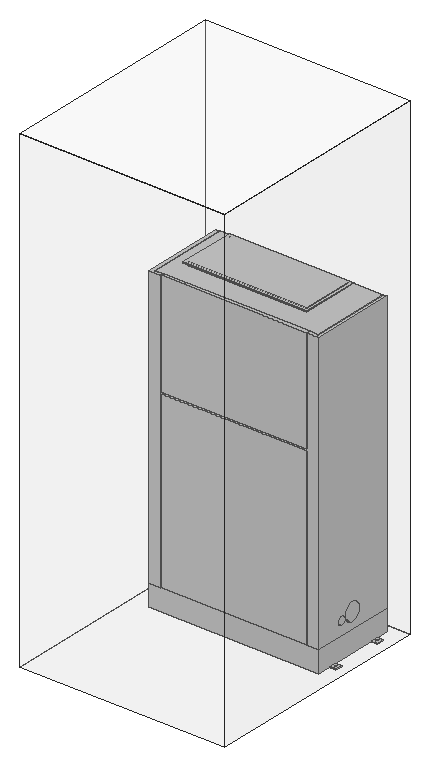
Revit family "pfav-xp224_560dmj_60Hz", category 機械設備, Revit 2019
Family settings
  丸型コネクタ寸法 = 直径を使用
  パーツ タイプ = 標準
  OmniClass 番号 = 23.75.10.24.21.27.27
  OmniClass タイトル = Split System Air Conditioning Units
  作業面ベース = いいえ
  常に垂直 = はい
  ロード時にボイドで切り取り = いいえ
  共有 = いいえ
  部屋計算ポイント = いいえ
Parameters (values of type "PFAV-XP224DMJ")
  風量（m3／min） = 65
  風量 = MAX風量  # 3900.0 m³/h
  音響パワーレベル(dB) = 68
  電源種別 = ""
  電圧_電気ヒーター = 0 V
  電圧 = 200 V
  電動機出力_送風機 = 1200 W
  電動機出力_圧縮機 = 0 W
  運転質量 = 0.00 kg
  連動 = ""
  質量 = if(製品質量 > 運転質量, 製品質量, 運転質量) * 1.2  # 163.20 kg
  負荷分類 = 3_ファン類
  説明 = "設備用パッケージエアコン 空冷床置形・冷暖兼用 ファシレアＤＤリプレースタイプ"
  設計暖房能力 [instance] = 0 kW
  設計冷房能力_顕熱 [instance] = 0 kW
  設計冷房能力 [instance] = 0 kW
  設置方法 = "床置形"
  記号 [instance] = ""
  製造元 = "三菱電機株式会社"
  製品質量 = 136.00 kg
  製品出荷対象 = "国内"
  製品リリース年月 = "2018年10月10日"
  製品グループ = ""
  系統 [instance] = ""
  符号 = "PAC-FRV(J)"
  積算_科目 = "1 空気調和設備"
  積算_拾い区分 [instance] = ""
  相_電気ヒーター = 1
  相 = 3
  盤記号 [instance] = ""
  発停方法 = ""
  特殊仕様 [instance] = ""
  火災停止 = ""
  消費電力_電気ヒーター = 0 W
  消費電力_暖房 = 510 W
  消費電力_加湿器 = 0 W
  消費電力_冷房 = 510 W
  消費電力 = if(消費電力_冷房 > 消費電力_暖房, 消費電力_冷房, 消費電力_暖房) + 消費電力_加湿器 + 消費電力_電気ヒーター  # 510 W
  法定耐用年数 = "15"
  機械基礎質量 [instance] = 0.00 kg
  機械基礎_W = 0 mm
  機械基礎_H = 0 mm
  機械基礎_D = 0 mm
  機械基礎 [instance] = no
  機外静圧 = 30.0 Pa
  極数 = 3
  材質 [instance] = ""
  本体マテリアル = none
  有効加湿量 = 0
  最小電線太さ_mm2 = 1.6
  最大電流値 = 5.8 A
  暖房能力 = 0 kW
  推奨ブレーカー容量 = 15 A
  形式_加湿器 = ""
  形式 = "床置（露出）立形"
  形名 = PFAV-XP-DMJ : PFAV-XP224DMJ1
  幹線記号 [instance] = ""
  始動方式 = "直入"
  呼称 = "パッケージ形空気調和機_室内機"
  周波数 = 60 Hz
  台数_手元リモコン [instance] = ""
  台数_冷媒分岐ユニット [instance] = ""
  参照している仕様書等のバージョン = "公共建築工事標準仕様書（機械設備工事編）平成31年度版"
  加湿給水管径 = 27.00 mm
  分類コード = "50053003023020"
  分類グループ = ""
  冷房能力 = 20 kW
  冷媒高低圧ガス管径 = 0.00 mm
  冷媒管径符号 = "Ce"
  冷媒管径 = 100.00 mm
  冷媒液管径 = 12.70 mm
  冷媒ガス管径 = 19.05 mm
  価格 = 0
  企業コード = "108420"
  付属品_フィルター = ""
  付属品 [instance] = ""
  仕様書バージョン = "Version1.0"
  モデル = "PFAV-XP224DMJ"
  ドレン管径 = 34.00 mm
  ダクト高 = 334 mm
  ダクト幅 = 715 mm
  サービススペース = yes
  コメント [instance] = ""
  Keynote = ""
  Width = 980 mm
  Version = ""
  Uniclass2015Version = "Systems v1.9"
  Uniclass2015Title = "Split coil remote air cooled condensing units"
  Uniclass2015Code = "Pr_70_65_03_84"
  URL = "https://www.mitsubishielectric.co.jp/ldg/wink/ssl/displayProduct.do?pid=294692"
  S寸法 = 150 mm
  SpecificationReference = ""
  SpecificationDescription = ""
  Revision = ""
  ProductInformation = ""
  OmniClassCode = "23-33 17 13 11"
  MAX風量 = 風量（m3／min） * 60.0 m³/h  # 3900.0 m³/h
  IfcTypeProduct = ""
  IfcProduct = ""
  IfcExportType = "AIRCONDITIONINGUNIT"
  IfcExportAs = "IfcUnitaryEquipmentType"
  Height = 1750 mm
  Depth = 485 mm
  Clearance Top = 1000 mm
  Clearance Right = 100 mm
  Clearance Left = 100 mm
  Clearance Front = 800 mm
  Clearance Back = 50 mm
  COP = 0
  Author = "三菱電機株式会社"
  APF = 0
Types (4, lengths in mm): name | 風量（m3／min） | 風量 | 音響パワーレベル(dB) | 電動機出力_送風機 | 質量 | 製品質量 | 消費電力_暖房 | 消費電力_冷房 | 消費電力 | 最大電流値 | 形名 | 冷房能力 | 冷媒管径符号 | 冷媒ガス管径 | モデル | ダクト高 | ダクト幅 | Width | URL | MAX風量 | Height | Depth
  PFAV-XP280DMJ | 90 | 5400.0 m³/h | 76 | 1200 W | 168.00 kg | 140.00 kg | 1150 W | 1150 W | 1150 W | 5.8 A | PFAV-XP-DMJ : PFAV-XP280DMJ1 | 25 kW | "Cf" | 22.20 | "PFAV-XP280DMJ" | 334 | 715 | 980 | "https://www.mitsubishielectric.co.jp/ldg/wink/ssl/displayProduct.do?pid=294731" | 5400.0 m³/h | 1750 | 485
  PFAV-XP450DMJ | 140 | 8400.0 m³/h | 76 | 2400 W | 285.60 kg | 238.00 kg | 1400 W | 1400 W | 1400 W | 9.7 A | PFAV-XP-DMJ : PFAV-XP450DMJ1 | 40 kW | "Ce" | 19.05 | "PFAV-XP450DMJ" | 489 | 1046 | 1200 | "https://www.mitsubishielectric.co.jp/ldg/wink/ssl/displayProduct.do?pid=294702" | 8400.0 m³/h | 1900 | 635
  PFAV-XP224DMJ | 65 | 3900.0 m³/h | 68 | 1200 W | 163.20 kg | 136.00 kg | 510 W | 510 W | 510 W | 5.8 A | PFAV-XP-DMJ : PFAV-XP224DMJ1 | 20 kW | "Ce" | 19.05 | "PFAV-XP224DMJ" | 334 | 715 | 980 | "https://www.mitsubishielectric.co.jp/ldg/wink/ssl/displayProduct.do?pid=294692" | 3900.0 m³/h | 1750 | 485
  PFAV-XP560DMJ | 165 | 9900.0 m³/h | 79 | 2400 W | 285.60 kg | 238.00 kg | 1780 W | 1780 W | 1780 W | 9.7 A | PFAV-XP-DMJ : PFAV-XP560DMJ1 | 50 kW | "Cf" | 22.20 | "PFAV-XP560DMJ" | 489 | 1046 | 1200 | "https://www.mitsubishielectric.co.jp/ldg/wink/ssl/displayProduct.do?pid=294703" | 9900.0 m³/h | 1900 | 635
Reference planes
  plane 1: z = 0
  plane 2: z = 1750
  plane 3: z = 0
  plane 4: z = 2750
  plane 5 "中心(正面/背面)": y = -242.5
  plane 6 "中心(左/右)": x = 0
  plane 7 "左": x = -490
  plane 8 "右": x = 490
  plane 9 "正面": y = -485
  plane 10 "背面": y = 0
  plane 11: y = 150
  plane 12: x = -640
  plane 13: y = -635
  plane 14: y = 50
  plane 15: y = -1285
  plane 16: x = -590
  plane 17: x = 590
  plane 18: x = 640
Dimensions and locks
  "Height": plane 2 to plane 3
  "Clearance Top": plane 4 to plane 2
  "機械基礎_H": plane 3 to plane 1
  equal spacing: plane 7 "左", plane 6 "中心(左/右)", plane 8 "右"
  "Width": plane 7 "左" to plane 8 "右"
  equal spacing: plane 9 "正面", plane 5 "中心(正面/背面)", plane 10 "背面"
  "Depth": plane 9 "正面" to plane 10 "背面"
  "S寸法": plane 10 "背面" to plane 11
  "S寸法": plane 13 to plane 9 "正面"
  "S寸法": plane 12 to plane 7 "左"
  "Clearance Left": plane 16 to plane 7 "左"
  "Clearance Right": plane 8 "右" to plane 17
  "Clearance Front": plane 15 to plane 9 "正面"
  "Clearance Back": plane 10 "背面" to plane 14
  "S寸法": plane 8 "右" to plane 18
  aligned and locked: level to plane 1
  aligned and locked: plane 17 to nested 1
  aligned and locked: plane 15 to nested 1
  aligned and locked: nested 1 to plane 16
  aligned and locked: nested 1 to plane 14
  aligned and locked: plane 4 to nested 1
  aligned and locked: plane 6 "中心(左/右)" to nested 2
  aligned and locked: plane 5 "中心(正面/背面)" to nested 2
  aligned and locked: plane 1 to nested 1
Nested families
  nested 1: "サービススペース(pfav-xp)" at (0, -617.5, 1375), visible <- "サービススペース", type "サービススペース(pfav-xp)"
    with Width 1180 mm, Height 2750 mm, Depth 1335 mm
  nested 2: "PFAV-XP-DMJ" at (0, -242.5, 0), type <- "形名", マテリアル1 <- "本体マテリアル", type "PFAV-XP224DMJ1"
    with 表示 yes, マテリアル2 none, マテリアル1 none
Connectors
  hvac at (-38.5, -188, 1750), driven by "ダクト幅", driven by "ダクト高", driven by "機外静圧", driven by "風量"
    settings: on nested 2, index 1, duct flow 3900.0 m³/h, flow factor 0, pres drop 30.0 Pa, loss coef 0, conn angle 0.00°, conn width 334 mm, conn height 715 mm, conn diameter 609.6 mm, duct sys type 1, conn prof type 1, flow config 1, flow direction 2, loss method 4, conn ref index -1, conn util no, is conn primary yes, conn desc ""
  piping at (493, -249, 217), diameter 100, driven by "冷媒管径", driven by "冷媒管径符号"
    settings: on nested 2, index 2, connector inside diameter 609.60 mm, connector length 0 mm, flow factor 0, pipe flow 0.0 L/s, pressure drop 0.0 Pa, fitting loss kfactor 0, connector angle 0.00°, fixture units 0, engagement length 0 mm, angle of deflection 0.00°, flow configuration 1, flow direction 1, fitting loss method 4, system type 7, joint type 0, gender type 0, connector reference index -1, connector utility 0, adjustable connector no, is connector primary yes, connector description "Ce"
  piping at (493, -326, 202), diameter 27, driven by "加湿給水管径"
    settings: on nested 2, index 3, connector inside diameter 609.60 mm, connector length 0 mm, flow factor 0, pipe flow 0.0 L/s, pressure drop 0.0 Pa, fitting loss kfactor 0, connector angle 0.00°, fixture units 0, engagement length 0 mm, angle of deflection 0.00°, flow configuration 1, flow direction 1, fitting loss method 4, system type 20, joint type 0, gender type 0, connector reference index -1, connector utility 0, adjustable connector no, is connector primary no, connector description ""
  electrical at (493, -326, 202), driven by "極数", driven by "負荷分類", driven by "電圧", driven by "消費電力"
    settings: on nested 2, index 4, voltage 200 V, apparent load 510 VA, apparent load phase1 0 VA, apparent load phase2 0 VA, apparent load phase3 0 VA, power factor 1, load classification "3_ファン類", number of poles 3, system type 30, power factor state 1, is connector primary yes, connector utility no, sub classification motor no, connector description ""
Definition of nested family "サービススペース(pfav-xp)"
  Parameters (values of type "サービススペース")
    Width [instance] = 500 mm
    Height [instance] = 500 mm
    Depth [instance] = 500 mm
  Reference planes
    plane 1 "中心(正面/背面)": y = 0
    plane 2: z = 0
    plane 3 "中心(左/右)": x = 0
    plane 4: y = -250
    plane 5: x = 250
    plane 6: y = 250
    plane 7: x = -250
    plane 8: z = 250
    plane 9: z = -250
  Forms (mm)
    Extrusion 1, solid
      sketch origin (-638.939, 0, 72.39) x (1, 0, 0) y (0, 1, 0)
        loop
          line (388.939, 250) -> (388.939, -250) -> (888.939, -250) -> (888.939, 250) -> (388.939, 250)
      from -322.39 to 177.61
  Lines and regions (mm)
    symbolic lines
      curve 1: line (-250, 0, 250) -> (250, 0, 250)
      curve 2: line (-250, 0, -250) -> (-250, 0, 250)
      curve 3: line (250, 0, -250) -> (-250, 0, -250)
      curve 4: line (250, 0, 250) -> (250, 0, -250)
      curve 5: line (0, -250, 250) -> (0, 250, 250)
      curve 6: line (0, -250, -250) -> (0, -250, 250)
      curve 7: line (0, 250, -250) -> (0, -250, -250)
      curve 8: line (0, 250, 250) -> (0, 250, -250)
      curve 9: line (-250, 250, 0) -> (250, 250, 0)
      curve 10: line (-250, -250, 0) -> (-250, 250, 0)
      curve 11: line (250, -250, 0) -> (-250, -250, 0)
      curve 12: line (250, 250, 0) -> (250, -250, 0)
  Dimensions and locks
    equal spacing: plane 7, plane 3 "中心(左/右)", plane 5
    equal spacing: plane 4, plane 1 "中心(正面/背面)", plane 6
    "Depth": plane 4 to plane 6
    "Width": plane 7 to plane 5
    equal spacing: plane 8, plane 2, plane 9
    "Height": plane 8 to plane 9
    aligned and locked: plane 9 to curve 3
    aligned and locked: plane 7 to curve 2
    aligned and locked: curve 4 to plane 5
    aligned and locked: plane 5 to Extrusion 1
    aligned and locked: Extrusion 1 to plane 7
    aligned and locked: Extrusion 1 to plane 9
    aligned and locked: plane 8 to Extrusion 1
    aligned and locked: plane 9 to curve 7
  Automatic sketch dimensions
    plane 4 to Extrusion 1 sketch curve = 0 mm
    Extrusion 1 sketch curve to plane 7 = 0 mm
    Extrusion 1 sketch curve to plane 5 = 0 mm
    plane 6 to Extrusion 1 sketch curve = 0 mm
    curve 2 to plane 8 = 0 mm
    plane 4 to curve 11 = 0 mm
    curve 11 to plane 7 = 0 mm
    curve 11 to plane 5 = 0 mm
    plane 6 to curve 10 = 0 mm
    curve 7 to plane 4 = 0 mm
    curve 7 to plane 6 = 0 mm
    curve 6 to plane 8 = 0 mm
Definition of nested family "PFAV-XP-DMJ"
  Parameters (values of type "PFAV-XP224DMJ1")
    液径 = 9.52 mm
    液-W = 0 mm
    液-H = 172 mm
    液-D = 249 mm
    ドレン② = no
    ドレン① = yes
    ①高 = 1730 mm
    電源径 = 43 mm
    電源-W = 0 mm
    電源-H = 202 mm
    電源-D = 326 mm
    表示 [instance] = yes
    ①幅 = 980 mm
    ①奥行 = 485 mm
    吊りボルト径 = 12 mm
    吊りボルト-W = 1026 mm
    吊りボルト-D = 300 mm
    吊りボルト-H = 0 mm
    加湿給水管径 = 27 mm
    加湿給水-W = 0 mm
    加湿給水-H = 322 mm
    加湿給水-D = 111 mm
    冷媒径 = 100 mm
    ガス径 = 19.05 mm
    ガス-W = 0 mm
    ガス-H = 262 mm
    ガス-D = 249 mm
    マテリアル2 [instance] = none
    マテリアル1 [instance] = none
    ドレン径 = 34 mm
    ドレン-W = 200 mm
    ドレン-H = 54 mm
    ドレン-D = 240 mm
    w = 675 mm
    m = 164 mm
    h = 20 mm
    e = 600 mm
    c = 10 mm
    d = 294 mm
    b = 171 mm
    a1 = 19 mm
    a = 22 mm
  Types (4, lengths in mm): name | 液径 | 液-H | 液-D | ①高 | 電源径 | 電源-H | 電源-D | ①幅 | ①奥行 | 吊りボルト-W | 吊りボルト-D | 加湿給水-H | 加湿給水-D | ガス径 | ガス-H | ガス-D | ドレン-H | ドレン-D | w | m | h | d | b | a1 | a
    PFAV-XP224DMJ1 | 9.52 | 172 | 249 | 1730 | 43 | 202 | 326 | 980 | 485 | 1026 | 300 | 322 | 111 | 19.05 | 262 | 249 | 54 | 240 | 675 | 164 | 20 | 294 | 171 | 19 | 22
    PFAV-XP280DMJ1 | 9.52 | 172 | 249 | 1730 | 43 | 202 | 326 | 980 | 485 | 1026 | 300 | 322 | 111 | 19.05 | 262 | 249 | 54 | 240 | 675 | 164 | 20 | 294 | 171 | 19 | 22
    PFAV-XP450DMJ1 | 12.7 | 203 | 254 | 1897 | 52 | 179 | 475 | 1200 | 635 | 1246 | 440 | 249 | 321 | 28.58 | 209 | 128 | 64 | 314 | 1006 | 208 | 3 | 449 | 77 | 20 | 24
    PFAV-XP560DMJ1 | 12.7 | 203 | 254 | 1897 | 52 | 179 | 475 | 1200 | 635 | 1246 | 440 | 249 | 321 | 28.58 | 209 | 128 | 64 | 314 | 1006 | 208 | 3 | 449 | 77 | 20 | 24
  Reference planes
    plane 1 "中心(正面/背面)": y = 0
    plane 2: z = 0
    plane 3 "中心(左/右)": x = 0
    plane 4: x = 490
    plane 5: x = -490
    plane 6: y = 242.5
    plane 7: y = -242.5
    plane 8: z = 1750
    plane 9: z = 1130
    plane 10: z = 1730
    plane 11: z = 120
    plane 12: y = 150
    plane 13: y = -150
    plane 14: x = 513
    plane 15: x = -513
    plane 16: y = 221.5
    plane 17: y = -162.5
    plane 18: z = 54
    plane 19: z = 202
    plane 20: y = -6.5
    plane 21: z = 172
    plane 22: z = 262
    plane 23: z = 1748
    plane 24: y = -6.5
    plane 25: x = 470
    plane 26: x = -470
    plane 27: z = 1120
    plane 28: y = -222.5
    plane 29: x = -420
    plane 30: x = 420
    plane 31: y = -239.5
    plane 32: x = 530
    plane 33: x = -530
    plane 34: y = 170
    plane 35: y = 130
    plane 36: y = -130
    plane 37: y = -170
    plane 38: y = 201.5
    plane 39: z = 5
    plane 40: x = 319
    plane 41: x = 299
    plane 42: x = -376
    plane 43: x = -396
    plane 44: y = -112.5
    plane 45: y = -92.5
    plane 46: y = 2.5
    plane 47: y = -83.5
    plane 48: x = 493
    plane 49: y = -6.5
    plane 50: z = 217
    plane 51: y = 131.5
    plane 52: z = 322
    plane 53: x = -491
    plane 54: y = 243.5
    plane 55: x = 290
    plane 56: x = -410
    plane 57: x = -246
    plane 58: x = -82
    plane 59: x = 82
    plane 60: x = 246
    plane 61: x = 410
    plane 62: y = 220.5
  Forms (mm)
    Extrusion 1, solid, material <- "マテリアル1", visible <- "表示", detail levels fine
      sketch origin (0, 0, -400) x (1, 0, 0) y (0, 1, 0)
        loop
          line (420, -222.5) -> (-420, -222.5) -> (-420, -239.5) -> (420, -239.5) -> (420, -222.5)
      from 1530 to 2130
    Extrusion 2, solid, material <- "マテリアル1", visible <- "表示", detail levels fine
      sketch origin (0, 0, -800) x (1, 0, 0) y (0, 1, 0)
        loop
          line (-420, -239.5) -> (420, -239.5) -> (420, -222.5) -> (-420, -222.5) -> (-420, -239.5)
      from 920 to 1920
    Extrusion 3, solid, material <- "マテリアル2", visible <- "表示", detail levels fine
      sketch origin (0, 0, 0) x (1, 0, 0) y (0, 1, 0)
        loop
          line (490, 170) -> (490, 130) -> (530, 130) -> (530, 170) -> (490, 170)
        loop
          line (490, -130) -> (490, -170) -> (530, -170) -> (530, -130) -> (490, -130)
        loop
          line (-530, 170) -> (-530, 130) -> (-490, 130) -> (-490, 170) -> (-530, 170)
        loop
          line (-530, -130) -> (-530, -170) -> (-490, -170) -> (-490, -130) -> (-530, -130)
        loop
          circle (-513, 150) r 6
        loop
          circle (513, 150) r 6
        loop
          circle (513, -150) r 6
        loop
          circle (-513, -150) r 6
      from 0 to 5
    Extrusion 4, solid, material <- "マテリアル2", visible <- "表示", detail levels fine
      sketch origin (0, -1140, 0) x (0, -1, 0) y (1, 0, 0)
        loop
          line (-1341.5, 299) -> (-1341.5, -376) -> (-1047.5, -376) -> (-1047.5, 299) -> (-1341.5, 299)
      from 1730 to 1748
    Extrusion 5, solid, material <- "マテリアル2", visible <- "表示", detail levels fine
      sketch origin (0, -1140, -430) x (0, -1, 0) y (1, 0, 0)
        loop
          line (-1361.5, 319) -> (-1361.5, -396) -> (-1027.5, -396) -> (-1027.5, 319) -> (-1361.5, 319)
      from 2178 to 2180
    Extrusion 6, solid, material <- "マテリアル1", visible <- "表示", detail levels fine
      sketch origin (-1437.329, -1524, 1750) x (-1, 0, 0) y (0, -1, 0)
        loop
          line (-947.329, -1766.5) -> (-947.329, -1281.5) -> (-1017.329, -1281.5) -> (-1017.329, -1301.5) -> (-967.329, -1301.5) -> (-967.329, -1766.5) -> (-947.329, -1766.5)
        loop
          line (-1907.329, -1766.5) -> (-1907.329, -1301.5) -> (-1857.329, -1301.5) -> (-1857.329, -1281.5) -> (-1927.329, -1281.5) -> (-1927.329, -1766.5) -> (-1907.329, -1766.5)
      from -1630 to -20
    Extrusion 7, solid, material <- "マテリアル1", visible <- "表示", detail levels fine
      sketch origin (-1437.329, -1524, 1750) x (-1, 0, 0) y (0, -1, 0)
        loop
          line (-1907.329, -1766.5) -> (-967.329, -1766.5) -> (-967.329, -1301.5) -> (-1907.329, -1301.5) -> (-1907.329, -1766.5)
      from -1630 to -20
    Extrusion 8, solid, material <- "マテリアル2", visible <- "表示", detail levels fine
      sketch origin (-1437.329, -1524, 1750) x (-1, 0, 0) y (0, -1, 0)
        loop
          line (-947.329, -1766.5) -> (-947.329, -1281.5) -> (-1927.329, -1281.5) -> (-1927.329, -1766.5) -> (-947.329, -1766.5)
      from -1750 to -1630
    Extrusion 9, solid, material <- "マテリアル2", visible <- "表示", detail levels fine
      sketch origin (490, 1296.25, 1200) x (0, 1, 0) y (0, 0, 1)
        loop
          circle (-1379.75, -998) r 21.5
      from 0 to 3
    Extrusion 10, solid, material <- "マテリアル1", visible <- "表示", detail levels fine
      sketch origin (490, 1296.25, 1200) x (0, 1, 0) y (0, 0, 1)
        loop
          circle (-1302.75, -983) r 50
      from 0 to 3
    Extrusion 11, solid, material <- "マテリアル1", visible <- "ドレン①", detail levels fine
      sketch origin (-490, 1296.25, 1200) x (0, 1, 0) y (0, 0, 1)
        loop
          circle (-1293.75, -1146) r 17
      from -1 to 0
    Extrusion 12, solid, material <- "マテリアル1", visible <- "ドレン②", detail levels fine
      sketch origin (1480.036, -239.5, 2000) x (1, 0, 0) y (0, 0, 1)
        loop
          circle (-1190.036, -1946) r 17
      from -483 to -482
  Lines and regions (mm)
    Masking region 1, visible <- "表示", detail levels coarse+medium
      outline origin (0, 0, 0) x (1, 0, 0) y (0, 1, 0)
        loop
          line (-490, 242.5) -> (-490, -242.5) -> (490, -242.5) -> (490, 242.5) -> (-490, 242.5)
    symbolic lines, visible <- "表示"
      curve 1: line (-490, 242.5, 1750) -> (-490, -242.5, 1750)
      curve 2: line (-490, -242.5, 1750) -> (490, -242.5, 1750)
      curve 3: line (490, -242.5, 1750) -> (490, 242.5, 1750)
      curve 4: line (490, 242.5, 1750) -> (-490, 242.5, 1750)
      curve 5: line (-396, 221.5, 1750) -> (-396, -112.5, 1750)
      curve 6: line (-396, -112.5, 1750) -> (319, -112.5, 1750)
      curve 7: line (319, -112.5, 1750) -> (319, 221.5, 1750)
      curve 8: line (319, 221.5, 1750) -> (-396, 221.5, 1750)
    model lines, visible <- "表示", detail levels fine
      curve 9: line (-410, -239.5, 1020) -> (410, -239.5, 1020)
      curve 10: line (-410, -239.5, 520) -> (-410, -239.5, 1020)
      curve 11: line (410, -239.5, 520) -> (-410, -239.5, 520)
      curve 12: line (410, -239.5, 1020) -> (410, -239.5, 520)
      curve 13: line (-410, -239.5, 545) -> (410, -239.5, 545)
      curve 14: line (-410, -239.5, 570) -> (410, -239.5, 570)
      curve 15: line (-410, -239.5, 595) -> (410, -239.5, 595)
      curve 16: line (-410, -239.5, 620) -> (410, -239.5, 620)
      curve 17: line (-410, -239.5, 645) -> (410, -239.5, 645)
      curve 18: line (-410, -239.5, 670) -> (410, -239.5, 670)
      curve 19: line (-410, -239.5, 695) -> (410, -239.5, 695)
      curve 20: line (-410, -239.5, 720) -> (410, -239.5, 720)
      curve 21: line (-410, -239.5, 745) -> (410, -239.5, 745)
      curve 22: line (-410, -239.5, 770) -> (410, -239.5, 770)
      curve 23: line (-410, -239.5, 795) -> (410, -239.5, 795)
      curve 24: line (-410, -239.5, 820) -> (410, -239.5, 820)
      curve 25: line (-410, -239.5, 845) -> (410, -239.5, 845)
      curve 26: line (-410, -239.5, 870) -> (410, -239.5, 870)
      curve 27: line (-410, -239.5, 895) -> (410, -239.5, 895)
      curve 28: line (-410, -239.5, 920) -> (410, -239.5, 920)
      curve 29: line (-410, -239.5, 945) -> (410, -239.5, 945)
      curve 30: line (-410, -239.5, 970) -> (410, -239.5, 970)
      curve 31: line (-410, -239.5, 995) -> (410, -239.5, 995)
      curve 32: line (-246, -239.5, 1020) -> (-246, -239.5, 520)
      curve 33: line (-82, -239.5, 1020) -> (-82, -239.5, 520)
      curve 34: line (82, -239.5, 1020) -> (82, -239.5, 520)
      curve 35: line (246, -239.5, 1020) -> (246, -239.5, 520)
  Dimensions and locks
    equal spacing: plane 7, plane 1 "中心(正面/背面)", plane 6
    "①奥行": plane 7 to plane 6
    equal spacing: plane 5, plane 3 "中心(左/右)", plane 4
    "①幅": plane 5 to plane 4
    locked: plane 11 to level at 120
    equal spacing: plane 13, plane 1 "中心(正面/背面)", plane 12
    "吊りボルト-D": plane 13 to plane 12
    equal spacing: plane 15, plane 3 "中心(左/右)", plane 14
    "吊りボルト-W": plane 15 to plane 14
    locked: plane 7 to plane 17 at 80
    "ドレン-H": plane 18 to level
    "電源-H": plane 19 to level
    "液-H": plane 21 to level
    "e": plane 10 to plane 9
    "ガス-H": plane 22 to level
    "h": plane 8 to plane 10
    locked: plane 8 to plane 23 at 2
    locked: plane 5 to plane 26 at 20
    locked: plane 25 to plane 4 at 20
    "c": plane 9 to plane 27
    locked: plane 7 to plane 28 at 20
    locked: plane 26 to plane 29 at 50
    locked: plane 30 to plane 25 at 50
    locked: plane 7 to plane 31 at 3
    locked: plane 33 to plane 5 at 40
    locked: plane 4 to plane 32 at 40
    plane 37 to plane 13 to plane 36 = 20 mm locked, 20 mm locked
    plane 35 to plane 12 to plane 34 = 20 mm locked, 20 mm locked
    locked: plane 38 to plane 16 at 20
    locked: plane 39 to level at 5
    "b": plane 40 to plane 4
    locked: plane 43 to plane 42 at 20
    locked: plane 41 to plane 40 at 20
    "w": plane 42 to plane 41
    locked: plane 44 to plane 45 at 20
    "d": plane 45 to plane 38
    "①高": plane 10 to level
    "液-D": plane 20 to plane 6
    "ガス-D": plane 24 to plane 6
    "ドレン-D": plane 46 to plane 6
    "電源-D": plane 47 to plane 6
    locked: plane 4 to plane 48 at 3
    equal spacing: plane 20, plane 49, plane 24
    equal spacing: plane 22, plane 50, plane 21
    "加湿給水-D": plane 51 to plane 6
    "加湿給水-H": plane 52 to level
    locked: plane 53 to plane 5 at 1
    locked: plane 6 to plane 54 at 1
    "ドレン-W": plane 55 to plane 4
    locked: plane 56 to plane 29 at 10
    "m": plane 57 to plane 56
    "m": plane 58 to plane 57
    "m": plane 59 to plane 58
    "m": plane 60 to plane 59
    "m": plane 61 to plane 60
    locked: plane 27 to curve 9 at 100
    equal spacing: curve 9, curve 31, curve 30, curve 29, curve 28, curve 27, curve 26, curve 25, curve 24, curve 23, curve 22, curve 21, curve 20, curve 19, curve 18, curve 17, curve 16, curve 15, curve 14, curve 13, curve 11
    locked: curve 9 to curve 11 at 500
    "a1": plane 38 to plane 62
    "a": plane 62 to plane 6
    "吊りボルト径": diameter of Extrusion 3 sketch curve  (x4)
    "電源径": diameter of Extrusion 9 sketch curve
    "冷媒径": diameter of Extrusion 10 sketch curve
    "ドレン径": diameter of Extrusion 11 sketch curve
    "ドレン径": diameter of Extrusion 12 sketch curve
    aligned and locked: level to plane 2
    aligned and locked: plane 13 to nested 1
    aligned and locked: plane 14 to nested 1
    aligned and locked: plane 15 to nested 1
    aligned and locked: nested 1 to plane 12
    aligned and locked: Extrusion 2 to plane 11
    aligned and locked: Extrusion 1 to plane 9
    aligned and locked: Extrusion 5 to plane 23
    aligned and locked: plane 8 to Extrusion 5
    aligned and locked: Extrusion 6 to plane 11
    aligned and locked: Extrusion 4 to Extrusion 5
    aligned and locked: Extrusion 4 to plane 10
    aligned and locked: plane 10 to Extrusion 6
    aligned and locked: plane 10 to Extrusion 1
    aligned and locked: plane 27 to Extrusion 2
    aligned and locked: Extrusion 2 sketch curve to plane 28
    aligned and locked: Extrusion 6 sketch curve to plane 7  (x2)
    aligned and locked: Extrusion 6 sketch curve to plane 29
    aligned and locked: Extrusion 6 sketch curve to plane 30
    aligned and locked: Extrusion 6 sketch curve to plane 25
    aligned and locked: plane 28 to Extrusion 6 sketch curve  (x2)
    aligned and locked: Extrusion 2 sketch curve to plane 29
    aligned and locked: Extrusion 2 sketch curve to plane 30
    aligned and locked: plane 31 to Extrusion 2 sketch curve
    aligned and locked: Extrusion 1 sketch curve to plane 30
    aligned and locked: Extrusion 1 sketch curve to plane 29
    aligned and locked: Extrusion 1 sketch curve to plane 28
    aligned and locked: Extrusion 1 sketch curve to plane 31
    aligned and locked: Extrusion 7 sketch curve to plane 6
    aligned and locked: Extrusion 7 sketch curve to plane 26
    aligned and locked: Extrusion 7 sketch curve to plane 28
    aligned and locked: Extrusion 7 sketch curve to plane 25
    aligned and locked: plane 10 to Extrusion 7
    aligned and locked: Extrusion 7 to plane 11
    aligned and locked: plane 34 to Extrusion 3 sketch curve  (x2)
    aligned and locked: plane 4 to Extrusion 3 sketch curve  (x2)
    aligned and locked: Extrusion 3 sketch curve to plane 35  (x2)
    aligned and locked: Extrusion 3 sketch curve to plane 32  (x2)
    aligned and locked: plane 36 to Extrusion 3 sketch curve  (x2)
    aligned and locked: Extrusion 3 sketch curve to plane 37  (x2)
    aligned and locked: plane 33 to Extrusion 3 sketch curve  (x2)
    aligned and locked: Extrusion 3 sketch curve to plane 5  (x2)
    aligned and locked: plane 12 to Extrusion 3 sketch curve  (x2)
    aligned and locked: plane 15 to Extrusion 3 sketch curve  (x2)
    aligned and locked: plane 13 to Extrusion 3 sketch curve  (x2)
    aligned and locked: plane 14 to Extrusion 3 sketch curve  (x2)
    aligned and locked: Extrusion 3 to level
    aligned and locked: plane 39 to Extrusion 3
    aligned and locked: Extrusion 8 sketch curve to Extrusion 6
    aligned and locked: Extrusion 8 sketch curve to Extrusion 7
    aligned and locked: Extrusion 8 to level
    aligned and locked: plane 11 to Extrusion 8
    aligned and locked: Extrusion 4 sketch curve to plane 38
    aligned and locked: Extrusion 4 sketch curve to plane 45
    aligned and locked: Extrusion 4 sketch curve to plane 41
    aligned and locked: Extrusion 4 sketch curve to plane 42
    aligned and locked: Extrusion 5 sketch curve to plane 40
    aligned and locked: Extrusion 5 sketch curve to plane 16
    aligned and locked: Extrusion 5 sketch curve to plane 44
    aligned and locked: Extrusion 5 sketch curve to plane 43
    aligned and locked: Masking region 1 sketch curve to Extrusion 8
    aligned and locked: Masking region 1 sketch curve to Extrusion 6
    aligned and locked: Masking region 1 sketch curve to plane 7
    aligned and locked: Masking region 1 sketch curve to plane 4
    aligned and locked: curve 1 to Masking region 1
    aligned and locked: curve 3 to Masking region 1
    aligned and locked: curve 4 to Masking region 1
    aligned and locked: curve 5 to Extrusion 5
    aligned and locked: curve 6 to Extrusion 5
    aligned and locked: curve 7 to Extrusion 5
    aligned and locked: curve 8 to Extrusion 5
    aligned and locked: plane 47 to Extrusion 9 sketch curve
    aligned and locked: plane 19 to Extrusion 9 sketch curve
    aligned and locked: Extrusion 9 to plane 4
    aligned and locked: plane 48 to Extrusion 9
    aligned and locked: plane 49 to Extrusion 10 sketch curve
    aligned and locked: plane 50 to Extrusion 10 sketch curve
    aligned and locked: Extrusion 10 to plane 4
    aligned and locked: plane 48 to Extrusion 10
    aligned and locked: plane 5 to Extrusion 6 sketch curve
    aligned and locked: plane 4 to Extrusion 6 sketch curve
    aligned and locked: Extrusion 8 sketch curve to plane 7
    aligned and locked: plane 4 to Extrusion 8 sketch curve
    aligned and locked: plane 46 to Extrusion 11 sketch curve
    aligned and locked: plane 18 to Extrusion 11 sketch curve
    aligned and locked: Extrusion 11 to plane 53
    aligned and locked: plane 5 to Extrusion 11
    aligned and locked: plane 18 to Extrusion 12 sketch curve
    aligned and locked: plane 55 to Extrusion 12 sketch curve
    aligned and locked: Extrusion 12 to plane 54
    aligned and locked: plane 6 to Extrusion 12
    aligned and locked: plane 56 to curve 10
    aligned and locked: curve 12 to plane 61
    aligned and locked: curve 35 to plane 60
    aligned and locked: curve 34 to plane 59
    aligned and locked: curve 33 to plane 58
    aligned and locked: curve 32 to plane 57
  Automatic sketch dimensions
    Extrusion 6 sketch curve to plane 26 = 0 mm
    plane 6 to Extrusion 6 sketch curve = 0 mm  (x2)
    plane 28 to Extrusion 2 sketch curve = 0 mm
    plane 7 to curve 2 = 0 mm
  Nested families
    nested 1: "固定点" at (-513, -150, 0), visible <- "表示", type "固定点", detail levels fine
      with W 1026 mm, D 300 mm, 中心円 12 mm
  Definition of nested family "固定点"
    Parameters (values of type "固定点")
      中心円 = 20 mm
      W [instance] = 1000 mm
      D [instance] = 1000 mm
    Reference planes
      plane 1 "中心(正面/背面)": y = 0
      plane 2: z = 0
      plane 3 "中心(左/右)": x = 0
      plane 4: x = 1000
      plane 5: y = 1000
    Lines and regions (mm)
      symbolic lines, detail levels fine
        curve 1: circle (0, 1000, 0) r 10 normal (0, 0, 1)
        curve 2: circle (0, 0, 0) r 10 normal (0, 0, 1)
        curve 3: circle (1000, 1000, 0) r 10 normal (0, 0, 1)
        curve 4: circle (1000, 0, 0) r 10 normal (0, 0, 1)
        curve 5: line (-200, 1000, 0) -> (1200, 1000, 0)
        curve 6: line (-200, 0, 0) -> (1200, 0, 0)
        curve 7: line (0, 1200, 0) -> (0, -200, 0)
        curve 8: line (1000, 1200, 0) -> (1000, -200, 0)
    Dimensions and locks
      "W": plane 3 "中心(左/右)" to plane 4
      "D": plane 1 "中心(正面/背面)" to plane 5
      "中心円": diameter of curve 1
      "中心円": diameter of curve 2
      "中心円": diameter of curve 3
      "中心円": diameter of curve 4
      aligned and locked: level to plane 2
      aligned and locked: plane 5 to curve 1
      aligned and locked: plane 3 "中心(左/右)" to curve 1
      aligned and locked: plane 3 "中心(左/右)" to curve 2
      aligned and locked: plane 1 "中心(正面/背面)" to curve 2
      aligned and locked: plane 4 to curve 3
      aligned and locked: plane 5 to curve 3
      aligned and locked: plane 1 "中心(正面/背面)" to curve 4
      aligned and locked: plane 4 to curve 4
      aligned and locked: plane 1 "中心(正面/背面)" to curve 6
      aligned and locked: curve 7 to plane 3 "中心(左/右)"
      aligned and locked: curve 8 to plane 4
    Automatic sketch dimensions
      curve 5 to plane 5 = 0 mm
      curve 6 to plane 3 "中心(左/右)" = 200 mm
      curve 5 to plane 3 "中心(左/右)" = 200 mm
      curve 4 to curve 6 = 200 mm
      curve 3 to curve 5 = 200 mm
      plane 1 "中心(正面/背面)" to curve 8 = 200 mm
      plane 1 "中心(正面/背面)" to curve 7 = 200 mm
      curve 3 to curve 8 = 200 mm
      curve 1 to curve 7 = 200 mm
